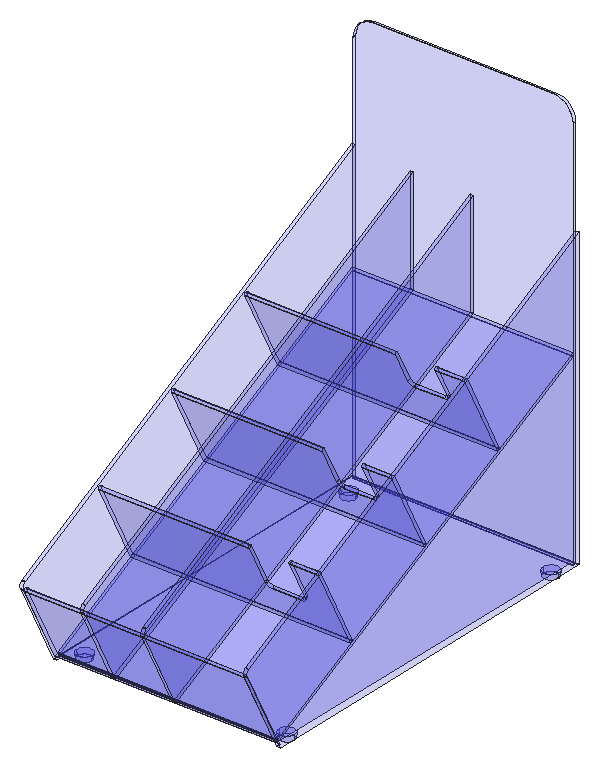
Revit family "QF_Vollrath_LDS-4CUP", category Specialty Equipment, Revit 2016
Family settings
  Part Type = Normal
  Round Connector Dimension = Use Diameter
  OmniClass Number = 23.40.40.14.24
  OmniClass Title = Food Dispensing Equipment
  Work Plane-Based = Yes
  Always vertical = Yes
  Cut with Voids When Loaded = No
  Shared = No
  Room Calculation Point = No
Parameters
  Width = 11.440"
  Weight in Pounds = 0
  Watermarked By = ""
  URL Cutsheet = ""
  URL = "www.vollrath.com"
  Specification by User [instance] = ""
  Specification by Manufacturer [instance] = ""
  Serial Number [instance] = ""
  Revision Code [instance] = ""
  NAFEM Spec ID Number [instance] = ""
  Model = "LDS-4CUP"
  Material = QF_Glass-Cast-Clear
  Masterspec [instance] = ""
  Manufacturer = "Vollrath"
  Item Number [instance] = "-"
  Installed By [instance] = ""
  Height = 21.220"
  Furnished By [instance] = ""
  Foodservice Equipment Identifier = yes
  Description = "Cup Organizer"
  Depth = 20.950"
  Default Elevation = 48.000"
  CSI MasterFormat = ""
Reference planes (in)
  plane 1 "BACK": y = 0
  plane 2 "BOTTOM": z = 0
  plane 3 "LEFT": x = -16.56573
  plane 4 "RIGHT": x = -5.12573
  plane 5 "FRONT": y = -20.95
  plane 6 "TOP": z = 21.22
  plane 7: x = -5.29573
  plane 8: x = -16.39573
  plane 9 "Bottom of Holder": z = 0.28
  plane 10: x = -15.94573
  plane 11: x = -5.74573
  plane 12: y = -1
  plane 13: y = -18.64
  plane 14: y = -17.64
  plane 15 "L1": x = -13.51573
  plane 16: x = -13.34573
  plane 17 "L2": x = -10.46573
  plane 18: x = -10.29573
Forms (in)
  Extrusion 1, solid, material "QF_Glass-Cast-Clear" <- "Material"
    sketch origin (0, 0, 0) x (1, 0, 0) y (0, 0, 1)
      loop
        line (-6.29573, 21.22) -> (-15.39573, 21.22)
        arc (-15.39573, 21.22) -> (-16.10283, 20.92711) -> (-16.39573, 20.22) r 1
        line (-16.39573, 20.22) -> (-16.39573, 0.28) -> (-5.29573, 0.28) -> (-5.29573, 20.22)
        arc (-5.29573, 20.22) -> (-5.58862, 20.92711) -> (-6.29573, 21.22) r 1
    from 0 to 0.17
  Extrusion 2, solid, material "QF_Glass-Cast-Clear" <- "Material"
    sketch origin (-16.56573, 0, 0) x (0, 1, 0) y (0, 0, 1)
      loop
        line (0, 0.28) -> (0, 15.31995) -> (-20.81354, 4.70951)
        arc (-20.81354, 4.70951) -> (-20.93778, 4.56399) -> (-20.92273, 4.37324) r 0.25
        line (-20.92273, 4.37324) -> (-18.83606, 0.28) -> (0, 0.28)
    from 0 to 0.18
  Extrusion 3, solid, material "QF_Glass-Cast-Clear" <- "Material"
    sketch origin (-5.12573, 0, 0) x (0, 1, 0) y (0, 0, 1)
      loop
        line (0, 15.31995) -> (-20.81354, 4.70951)
        arc (-20.81354, 4.70951) -> (-20.93778, 4.56399) -> (-20.92273, 4.37324) r 0.25
        line (-20.92273, 4.37324) -> (-18.83606, 0.28) -> (0, 0.28) -> (0, 15.31995)
    from 0 to -0.17
  Extrusion 4, solid, material "QF_Glass-Cast-Clear" <- "Material"
    sketch origin (-16.56573, 0, 0) x (0, 1, 0) y (0, 0, 1)
      loop
        line (-0.17, 0.28) -> (-0.17, 0.45) -> (-18.73815, 0.45) -> (-18.64, 0.28) -> (-0.17, 0.28)
    from 0 to 11.44
  Blend 5, solid, material "QF_Glass-Cast-Clear" <- "Material"
    base sketch origin (0, 0, 0) x (1, 0, 0) y (0, 1, 0)
      loop
        circle (-15.94573, -1) r 0.36
    top sketch origin (0, 0, 0) x (1, 0, 0) y (0, 1, 0)
      loop
        circle (-15.94573, -1) r 0.4
    from 0 to 0.28
  Blend 6, solid, material "QF_Glass-Cast-Clear" <- "Material"
    base sketch origin (10.2, 0, 0) x (1, 0, 0) y (0, 1, 0)
      loop
        circle (-15.94573, -1) r 0.36
    top sketch origin (10.2, 0, 0) x (1, 0, 0) y (0, 1, 0)
      loop
        circle (-15.94573, -1) r 0.4
    from 0 to 0.28
  Blend 7, solid, material "QF_Glass-Cast-Clear" <- "Material"
    base sketch origin (10.2, -16.64, 0) x (1, 0, 0) y (0, 1, 0)
      loop
        circle (-15.94573, -1) r 0.36
    top sketch origin (10.2, -16.64, 0) x (1, 0, 0) y (0, 1, 0)
      loop
        circle (-15.94573, -1) r 0.4
    from 0 to 0.28
  Blend 8, solid, material "QF_Glass-Cast-Clear" <- "Material"
    base sketch origin (0, -16.64, 0) x (1, 0, 0) y (0, 1, 0)
      loop
        circle (-15.94573, -1) r 0.36
    top sketch origin (0, -16.64, 0) x (1, 0, 0) y (0, 1, 0)
      loop
        circle (-15.94573, -1) r 0.4
    from 0 to 0.28
  Extrusion 9, solid, material "QF_Glass-Cast-Clear" <- "Material"
    sketch origin (-16.56573, 0, 0) x (0, 1, 0) y (0, 0, 1)
      loop
        line (-14.19445, 2.90095) -> (-14.04299, 2.97816) -> (-16.06109, 6.93689)
        arc (-16.06109, 6.93689) -> (-16.17542, 6.97401) -> (-16.21255, 6.85968) r 0.085
        line (-16.21255, 6.85968) -> (-14.19445, 2.90095)
      loop
        line (-9.56588, 5.20425) -> (-9.41442, 5.28146) -> (-11.45529, 9.28485)
        arc (-11.45529, 9.28485) -> (-11.56963, 9.32198) -> (-11.60675, 9.20764) r 0.085
        line (-11.60675, 9.20764) -> (-9.56588, 5.20425)
      loop
        line (-4.93731, 7.50755) -> (-4.78586, 7.58476) -> (-6.8495, 11.63282)
        arc (-6.8495, 11.63282) -> (-6.96383, 11.66994) -> (-7.00095, 11.55561) r 0.085
        line (-7.00095, 11.55561) -> (-4.93731, 7.50755)
    from 0.17 to 11.27
  Extrusion 10, solid, material "QF_Glass-Cast-Clear"
    sketch origin (-16.56573, 0, 0) x (0, 1, 0) y (0, 0, 1)
      loop
        line (-0.17, 9.69) -> (-0.17, 9.87991) -> (-18.80388, 0.60146) -> (-18.72666, 0.45) -> (-0.17, 9.69)
    from 0.17 to 11.27
  Extrusion 11, solid, material "QF_Glass-Cast-Clear" <- "Material"
    sketch origin (-16.56573, -0.15636, -0.07786) x (0, 1, 0) y (0, 0, 1)
      loop
        line (-20.72667, 4.37324) -> (-18.80388, 0.60146) -> (-18.65169, 0.67724) -> (-20.57522, 4.45045)
        arc (-20.57522, 4.45045) -> (-20.68955, 4.48757) -> (-20.72667, 4.37324) r 0.085
    from 0.17 to 11.27
  Extrusion 12, solid, material "QF_Glass-Cast-Clear"
    sketch origin (-13.51573, 0, 0) x (0, 1, 0) y (0, 0, 1)
      loop
        line (-0.17, 9.87991) -> (-0.17, 15.23328) -> (-20.81354, 4.70951)
        arc (-20.81354, 4.70951) -> (-20.93778, 4.56399) -> (-20.92273, 4.37324) r 0.25
        line (-20.92273, 4.37324) -> (-18.96024, 0.5236) -> (-0.17, 9.87991)
    from 0 to 0.17
  Extrusion 13, solid, material "QF_Glass-Cast-Clear"
    sketch origin (-10.46573, 0, 0) x (0, 1, 0) y (0, 0, 1)
      loop
        line (-0.17, 15.23328) -> (-20.81354, 4.70951)
        arc (-20.81354, 4.70951) -> (-20.93778, 4.56399) -> (-20.92273, 4.37324) r 0.25
        line (-20.92273, 4.37324) -> (-18.96024, 0.5236) -> (-0.17, 9.87991) -> (-0.17, 15.23328)
    from 0 to 0.17
  Extrusion 14, void
    sketch origin (-16.56573, -20.93382, 4.25301) x (0, -0.5, 0.866025) y (1, 0, 0)
      loop
        line (-2.3792, 7.77) -> (-0.13735, 7.77)
        arc (-0.13735, 7.77) -> (0.03942, 7.69678) -> (0.11265, 7.52) r 0.25
        line (0.11265, 7.52) -> (0.11265, 10.02)
        arc (0.11265, 10.02) -> (0.03942, 9.84322) -> (-0.13735, 9.77) r 0.25
        line (-0.13735, 9.77) -> (-2.3792, 9.77)
        arc (-2.3792, 9.77) -> (-2.55598, 9.69678) -> (-2.6292, 9.52) r 0.25
        line (-2.6292, 9.52) -> (-2.6292, 8.02)
        arc (-2.6292, 8.02) -> (-2.55598, 7.84322) -> (-2.3792, 7.77) r 0.25
    from 1.31026 to 18
Cuts and joins
  joined: Extrusion 2, Extrusion 3, Extrusion 4
  Extrusion 14 cuts Extrusion 9
  Extrusion 14 cuts Extrusion 11
Lines and regions (in)
  symbolic lines
    curve 1: line (-16.56573, 0, 0) -> (-5.12573, 0, 0)
    curve 2: line (-16.56573, -20.95, 0) -> (-16.56573, 0, 0)
    curve 3: line (-5.12573, -20.95, 0) -> (-16.56573, -20.95, 0)
    curve 4: line (-5.12573, 0, 0) -> (-5.12573, -20.95, 0)
    curve 5: line (-5.29573, -20.95, 0) -> (-5.29573, 0, 0)
    curve 6: line (-16.38573, 0, 0) -> (-16.38573, -20.95, 0)
  symbolic lines, style "QF_Details_Surface"
    curve 7: line (-16.38573, -7.00095, 0) -> (-5.29573, -7.00095, 0)
    curve 8: line (-16.38573, -11.60675, 0) -> (-5.29573, -11.60675, 0)
    curve 9: line (-16.38573, -16.21255, 0) -> (-5.29573, -16.21255, 0)
Dimensions and locks (in)
  "Width": plane 3 "LEFT" to plane 4 "RIGHT"
  "Depth": plane 5 "FRONT" to plane 1 "BACK"
  locked: plane 7 to plane 4 "RIGHT" at 0.17
  "Height": plane 6 "TOP" to level
  plane 3 "LEFT" to plane 8 = 0.170"
  locked: plane 9 "Bottom of Holder" to level at 0.28
  locked: plane 3 "LEFT" to plane 10 at 0.62
  locked: plane 11 to plane 4 "RIGHT" at 0.62
  plane 12 to plane 1 "BACK" = 1.000"
  plane 14 to plane 13 = 1.000"
  plane 8 to plane 15 "L1" = 2.880"
  locked: plane 15 "L1" to plane 16 at 0.17
  plane 16 to plane 17 "L2" = 2.880"
  locked: plane 17 "L2" to plane 18 at 0.17
  aligned and locked: level to plane 2 "BOTTOM"
  aligned and locked: plane 6 "TOP" to Extrusion 1 sketch curve
  aligned and locked: Extrusion 1 sketch curve to plane 9 "Bottom of Holder"
  aligned and locked: Extrusion 1 sketch curve to plane 7
  aligned and locked: plane 8 to Extrusion 1 sketch curve
  aligned and locked: plane 9 "Bottom of Holder" to Blend 5
Automatic sketch dimensions
  plane 10 to Extrusion 1 sketch curve = 0.550"
  Extrusion 1 sketch curve to plane 11 = 0.550"
  Blend 5 sketch curve to plane 10 = 0.000"  (x2)
  plane 12 to Blend 5 sketch curve = 0.000"  (x2)
  Blend 6 sketch curve to plane 11 = 0.000"  (x2)
  plane 12 to Blend 6 sketch curve = 0.000"  (x2)
  Blend 7 sketch curve to plane 11 = 0.000"  (x2)
  Blend 7 sketch curve to plane 14 = 0.000"  (x2)
  Blend 8 sketch curve to plane 10 = 0.000"  (x2)
  Blend 8 sketch curve to plane 14 = 0.000"  (x2)
  curve 3 to plane 3 "LEFT" = 0.000"
  curve 6 to plane 5 "FRONT" = 0.000"
  plane 1 "BACK" to curve 6 = 0.000"
  curve 7 to plane 7 = 0.000"
  curve 3 to plane 4 "RIGHT" = 0.000"
  plane 8 to curve 6 = 0.010"
  plane 14 to curve 9 = 1.42745"
  curve 9 to curve 8 = 4.6058"
  curve 8 to curve 7 = 4.6058"
  Extrusion 2 sketch curve to plane 9 "Bottom of Holder" = 0.000"
  Extrusion 2 sketch curve to plane 1 "BACK" = 0.000"
  Extrusion 2 sketch curve to plane 13 = 0.19606"
  plane 5 "FRONT" to Extrusion 2 sketch curve = 0.250"
  plane 5 "FRONT" to Extrusion 2 sketch curve = 0.13646"
  plane 5 "FRONT" to Extrusion 2 sketch curve = 0.02727"
  plane 9 "Bottom of Holder" to Extrusion 2 sketch curve = 4.09324"
  Extrusion 2 sketch curve to Extrusion 2 sketch curve = 0.11354"
  Extrusion 2 sketch curve to plane 6 "TOP" = 5.90005"
  Extrusion 3 sketch curve to plane 9 "Bottom of Holder" = 0.000"
  Extrusion 3 sketch curve to plane 1 "BACK" = 0.000"
  Extrusion 3 sketch curve to plane 13 = 0.19606"
  plane 5 "FRONT" to Extrusion 3 sketch curve = 0.250"
  plane 5 "FRONT" to Extrusion 3 sketch curve = 0.13646"
  plane 5 "FRONT" to Extrusion 3 sketch curve = 0.02727"
  plane 9 "Bottom of Holder" to Extrusion 3 sketch curve = 4.09324"
  Extrusion 3 sketch curve to Extrusion 3 sketch curve = 0.11354"
  Extrusion 3 sketch curve to plane 6 "TOP" = 5.90005"
  Extrusion 4 sketch curve to plane 9 "Bottom of Holder" = 0.000"
  Extrusion 4 sketch curve to plane 13 = 0.000"
  Extrusion 4 sketch curve to plane 13 = 0.09815"
  plane 1 "BACK" to Extrusion 4 sketch curve = 0.170"
  Extrusion 4 sketch curve to Extrusion 4 sketch curve = 0.170"
  plane 14 to Extrusion 9 sketch curve = 1.42745"
  Extrusion 9 sketch curve to Extrusion 9 sketch curve = 0.07573"  (x6)
  plane 14 to Extrusion 9 sketch curve = 3.44555"
  Extrusion 9 sketch curve to Extrusion 9 sketch curve = 0.15146"  (x3)
  Extrusion 9 sketch curve to Extrusion 9 sketch curve = 4.45434"  (x2)
  Extrusion 9 sketch curve to Extrusion 9 sketch curve = 2.04087"
  plane 12 to Extrusion 9 sketch curve = 3.93731"
  plane 9 "Bottom of Holder" to Extrusion 9 sketch curve = 2.62095"
  Extrusion 9 sketch curve to Extrusion 9 sketch curve = 0.07721"  (x3)
  plane 9 "Bottom of Holder" to Extrusion 9 sketch curve = 4.92425"
  Extrusion 9 sketch curve to Extrusion 9 sketch curve = 2.22609"
  Extrusion 10 sketch curve to plane 13 = 0.16388"
  Extrusion 10 sketch curve to plane 13 = 0.08666"
  plane 1 "BACK" to Extrusion 10 sketch curve = 0.170"
  plane 9 "Bottom of Holder" to Extrusion 10 sketch curve = 0.170"
  Extrusion 10 sketch curve to Extrusion 10 sketch curve = 0.15146"
  plane 9 "Bottom of Holder" to Extrusion 10 sketch curve = 9.410"
  Extrusion 10 sketch curve to Extrusion 10 sketch curve = 0.18991"
  plane 5 "FRONT" to Extrusion 11 sketch curve = 0.06696"
  Extrusion 11 sketch curve to Extrusion 11 sketch curve = 0.07573"  (x2)
  Extrusion 11 sketch curve to plane 13 = 0.32024"
  Extrusion 11 sketch curve to plane 13 = 0.16806"
  plane 9 "Bottom of Holder" to Extrusion 11 sketch curve = 0.2436"
  Extrusion 11 sketch curve to Extrusion 11 sketch curve = 0.07578"
  plane 9 "Bottom of Holder" to Extrusion 11 sketch curve = 4.01538"
  Extrusion 11 sketch curve to Extrusion 11 sketch curve = 0.0386"
  plane 5 "FRONT" to Extrusion 12 sketch curve = 0.02727"
  plane 5 "FRONT" to Extrusion 12 sketch curve = 0.13646"
  Extrusion 12 sketch curve to Extrusion 12 sketch curve = 0.11354"  (x2)
  Extrusion 12 sketch curve to plane 13 = 0.32024"
  plane 1 "BACK" to Extrusion 12 sketch curve = 0.170"
  plane 9 "Bottom of Holder" to Extrusion 12 sketch curve = 0.2436"
  plane 9 "Bottom of Holder" to Extrusion 12 sketch curve = 4.09324"
  plane 9 "Bottom of Holder" to Extrusion 12 sketch curve = 9.59991"
  Extrusion 12 sketch curve to Extrusion 12 sketch curve = 5.35337"
  plane 5 "FRONT" to Extrusion 13 sketch curve = 0.02727"
  plane 5 "FRONT" to Extrusion 13 sketch curve = 0.13646"
  Extrusion 13 sketch curve to Extrusion 13 sketch curve = 0.22273"
  Extrusion 13 sketch curve to plane 13 = 0.32024"
  plane 1 "BACK" to Extrusion 13 sketch curve = 0.170"
  plane 9 "Bottom of Holder" to Extrusion 13 sketch curve = 0.2436"
  plane 9 "Bottom of Holder" to Extrusion 13 sketch curve = 4.09324"
  Extrusion 13 sketch curve to Extrusion 13 sketch curve = 0.11354"
  plane 9 "Bottom of Holder" to Extrusion 13 sketch curve = 9.59991"
  Extrusion 13 sketch curve to Extrusion 13 sketch curve = 5.35337"
  Extrusion 4 to Extrusion 14 sketch curve = 1.76214"
  Extrusion 14 sketch curve to Extrusion 14 sketch curve = 0.250"  (x3)
  Extrusion 14 sketch curve to Extrusion 14 sketch curve = 2.24185"
  Extrusion 14 sketch curve to Extrusion 14 sketch curve = 0.000"
  Extrusion 14 sketch curve to Extrusion 4 = 3.920"
  Extrusion 14 sketch curve to Extrusion 14 sketch curve = 1.500"
  radius of Blend 5 sketch curve = 0.360"
  radius of Blend 5 sketch curve = 0.400"
  radius of Blend 6 sketch curve = 0.360"
  radius of Blend 6 sketch curve = 0.400"
  radius of Blend 7 sketch curve = 0.360"
  radius of Blend 7 sketch curve = 0.400"
  radius of Blend 8 sketch curve = 0.360"
  radius of Blend 8 sketch curve = 0.400"
